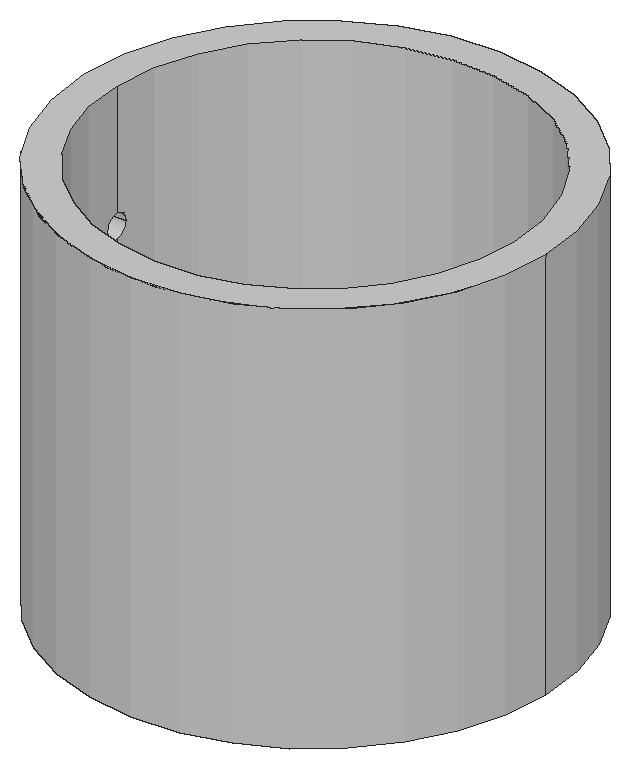
Revit family "KOD 10.10", category Фундамент несущей конструкции, Revit 2025
Family settings
  Материал для поведения модели = Прочее
  Заглушка = Нет
  Номер OmniClass = 23.25.05.00
  Заголовок OmniClass = Foundations
  На основе рабочей плоскости = Нет
  Всегда вертикально = Да
  При загрузке вырезать с полостями = Нет
  Общий = Нет
  Показывать семейство разрезанным на планах = Да
Parameters
  Петля = Петля_П1_П2 : П2
Reference planes
  plane 1 "По центру (Вперед/Назад)": y = -35
  plane 2: z = 0
  plane 3 "По центру (Влево/Вправо)": x = 0
  plane 4: z = 990
  plane 5: z = 370
  plane 6: x = -500
  plane 7: x = 500
  plane 8: x = -570
  plane 9: x = 570
  plane 10: z = 400
  plane 11: z = 340
  plane 12 "2": y = -65
  plane 13 "3": y = -5
  plane 14: x = -580
  plane 15: x = 580
  plane 16: z = 100
  plane 17: z = 675
  plane 18: z = 705
  plane 19: z = 645
Forms (mm)
  Extrusion 1, solid, material "Бетон В15"
    sketch origin (0, 0, 0) x (1, 0, 0) y (0, 1, 0)
      loop
        circle (0, -35) r 580
      loop
        circle (0, -35) r 500
    from 0 to 990
  Extrusion 2, void
    sketch origin (0, 0, 0) x (0, 1, 0) y (0, 0, -1)
      loop
        circle (-35, -370) r 30
    from -570 to 570
  Extrusion 3, solid, material "Бетон В15"
    sketch origin (0, 0, 0) x (1, 0, 0) y (0, 1, 0)
      loop
        circle (0, -35) r 500
    from 0 to 100
  Extrusion 4, void
    sketch origin (0, 0, 305) x (0, 1, 0) y (0, 0, -1)
      loop
        circle (-35, -370) r 30
    from -570 to 570
Cuts and joins
  Extrusion 2, Extrusion 4 cuts Extrusion 1
  Extrusion 4 cuts Extrusion 3
  joined: Extrusion 1, Extrusion 3
Dimensions and locks
  plane 4 to level = 990 mm
  plane 5 to level = 370 mm
  plane 17 to plane 5 = 305 mm
  aligned and locked: plane 2 to level
